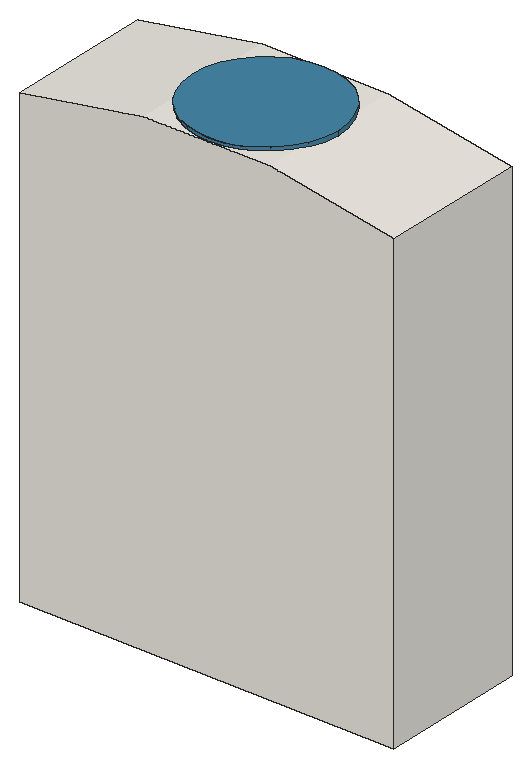
Revit family "Oberteil C50", category Generic Models, Revit 2015
Parameters (values of type "C50-0-255")
  Width = 45 mm
  URL = "http://www.obo-bettermann.com"
  Material 2 = PA 66/6 FR HF RAL 5017
  Material = PA 66/6 FR HF RAL 9010
  Manufacturer Art.No. = "5095609"
  Manufacturer = "OBO Bettermann"
  Length = 17.8 mm
  Height = 58 mm
  GTIN = "4012196337620"
  Article Type = "C50-0-255"
Reference planes
  plane 1 "Center (Front/Back)": y = 0
  plane 2: z = 0
  plane 3 "Center (Left/Right)": x = 0
  plane 4: y = 17.8
  plane 5: z = 58
  plane 6: z = 57
Forms (mm)
  Extrusion 1, solid, material "PA 66/6 FR HF RAL 9010" <- "Material"
    sketch origin (0, 0, 0) x (1, 0, 0) y (0, 0, 1)
      loop
        line (-22.5, 0) -> (22.5, 0) -> (22.5, 55)
        arc (22.5, 55) -> (0, 58.012) -> (-22.5, 55) r 85.541
        line (-22.5, 55) -> (-22.5, 0)
    from -17.8 to 0
  Extrusion 2, solid, material "PA 66/6 FR HF RAL 5017" <- "Material 2"
    sketch origin (0, 0, 0) x (1, 0, 0) y (0, 1, 0)
      loop
        circle (0, 8.9) r 8.75
    from 57 to 58
Dimensions and locks
  "Length": plane 1 "Center (Front/Back)" to plane 4
  locked: Extrusion 1 to Extrusion 2 sketch curve at 8.9
  "Height": plane 5 to level
  locked: plane 5 to plane 6 at 1
  locked: Extrusion 1 sketch curve to Extrusion 1 sketch curve at 55  (x2)
  "Width": Extrusion 1 sketch curve to Extrusion 1 sketch curve
  equal spacing: Extrusion 1 sketch curve, plane 3 "Center (Left/Right)", Extrusion 1 sketch curve, locked at 22.5 each
  radius of Extrusion 2 sketch curve = 8.75 mm
  aligned and locked: level to plane 2
  aligned and locked: plane 1 "Center (Front/Back)" to Extrusion 1
  aligned and locked: plane 5 to Extrusion 2
  aligned and locked: Extrusion 2 to plane 6
  aligned and locked: Extrusion 1 sketch curve to level
Automatic sketch dimensions
  Extrusion 2 sketch curve to plane 3 "Center (Left/Right)" = 0 mm
  Extrusion 1 sketch curve to level = 27.529 mm
